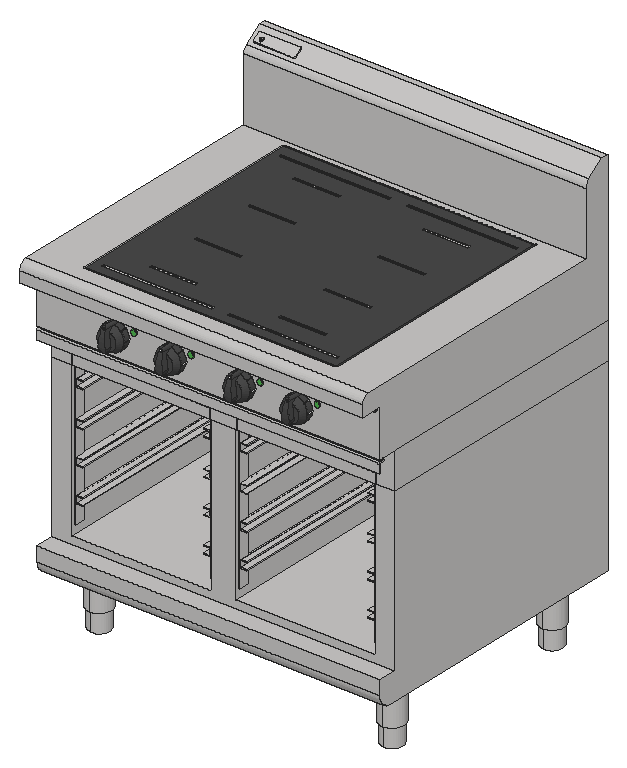
Revit family "QF_Moffat_IN8400F-CB_Induction_Cooktop_cat", category Specialty Equipment, Revit 2019 (continued)
Definition of nested family "QF_LOGO_Waldorf"
  Lines and regions (mm)
    Split face 2
      outline origin (0, -1.881, 2.589) x (1, 0, 0) y (0, 0.809017, 0.587785)
        loop
          spline (51.035, 11.169) -> (50.686, 12.42) -> (50.176, 13.224) -> (49.51, 13.708) -> (48.693, 13.995) -> (47.747, 14.152) -> (46.698, 14.207) -> (45.579, 14.186) -> (44.419, 14.114) -> (43.279, 13.929) -> (42.249, 13.481) -> (41.424, 12.614) -> (40.897, 11.169)
          line (40.897, 11.169) -> (44.617, 11.169) -> (44.988, 11.965)
          spline (44.988, 11.965) -> (47.294, 11.682) -> (46.856, 10.932) -> (45.527, 10.609) -> (43.858, 10.439) -> (42.259, 10.123) -> (41.078, 9.417) -> (40.563, 8.246) -> (40.689, 6.989) -> (41.407, 6.052) -> (42.774, 5.536) -> (44.847, 5.497) -> (47.306, 6.602)
          line (47.306, 6.602) -> (47.624, 5.728) -> (51.449, 5.728)
    Split face 3
      outline origin (0, -1.881, 2.589) x (1, 0, 0) y (0, 0.809017, 0.587785)
        loop
          line (47.264, 9.264) -> (44.938, 8.597)
          spline (44.938, 8.597) -> (44.508, 8.228) -> (44.402, 7.9) -> (44.548, 7.626) -> (44.877, 7.42) -> (45.317, 7.295) -> (45.797, 7.265) -> (46.252, 7.342) -> (46.65, 7.525) -> (46.971, 7.813) -> (47.194, 8.201) -> (47.298, 8.685) -> (47.264, 9.264)
    Split face 4
      outline origin (0, -1.881, 2.589) x (1, 0, 0) y (0, 0.809017, 0.587785)
        loop
          line (53.33, 16.975) -> (53.33, 5.728) -> (57.173, 5.728) -> (57.173, 16.975) -> (53.33, 16.975)
    Split face 5
      outline origin (0, -1.881, 2.589) x (1, 0, 0) y (0, 0.809017, 0.587785)
        loop
          line (65.795, 16.975) -> (65.795, 12.976)
          spline (65.795, 12.976) -> (63.839, 14.082) -> (62.087, 14.096) -> (60.633, 13.343) -> (59.574, 12.148) -> (58.99, 10.806) -> (58.867, 9.452) -> (59.156, 8.159) -> (59.81, 7) -> (60.786, 6.056) -> (62.111, 5.514) -> (63.868, 5.634) -> (66.137, 6.679)
          line (66.137, 6.679) -> (66.137, 5.728) -> (69.511, 5.728) -> (69.511, 16.975) -> (65.795, 16.975)
    Split face 6
      outline origin (0, -1.881, 2.589) x (1, 0, 0) y (0, 0.809017, 0.587785)
        loop
          spline (64.273, 7.499) -> (64.754, 7.57) -> (65.202, 7.777) -> (65.587, 8.106) -> (65.882, 8.535) -> (66.067, 9.034) -> (66.131, 9.57) -> (66.067, 10.106) -> (65.882, 10.605) -> (65.587, 11.034) -> (65.202, 11.363) -> (64.754, 11.57) -> (64.273, 11.64)
          spline (64.273, 11.64) -> (63.793, 11.57) -> (63.345, 11.363) -> (62.96, 11.034) -> (62.665, 10.605) -> (62.479, 10.106) -> (62.416, 9.57) -> (62.479, 9.034) -> (62.665, 8.535) -> (62.96, 8.106) -> (63.345, 7.777) -> (63.793, 7.57) -> (64.273, 7.499)
    Split face 7
      outline origin (0, -1.881, 2.589) x (1, 0, 0) y (0, 0.809017, 0.587785)
        loop
          spline (76.449, 5.305) -> (77.855, 5.457) -> (79.166, 5.901) -> (80.291, 6.607) -> (81.155, 7.527) -> (81.698, 8.599) -> (81.883, 9.749) -> (81.698, 10.899) -> (81.155, 11.97) -> (80.291, 12.891) -> (79.166, 13.597) -> (77.855, 14.041) -> (76.449, 14.192)
          spline (76.449, 14.192) -> (75.042, 14.041) -> (73.731, 13.597) -> (72.606, 12.891) -> (71.742, 11.97) -> (71.199, 10.899) -> (71.014, 9.749) -> (71.199, 8.599) -> (71.742, 7.527) -> (72.606, 6.607) -> (73.731, 5.901) -> (75.042, 5.457) -> (76.449, 5.305)
    Split face 8
      outline origin (0, -1.881, 2.589) x (1, 0, 0) y (0, 0.809017, 0.587785)
        loop
          spline (76.449, 7.654) -> (76.841, 7.725) -> (77.206, 7.934) -> (77.52, 8.267) -> (77.76, 8.701) -> (77.912, 9.206) -> (77.963, 9.749) -> (77.912, 10.291) -> (77.76, 10.796) -> (77.52, 11.23) -> (77.206, 11.563) -> (76.841, 11.772) -> (76.449, 11.843)
          spline (76.449, 11.843) -> (76.057, 11.772) -> (75.691, 11.563) -> (75.378, 11.23) -> (75.137, 10.796) -> (74.986, 10.291) -> (74.934, 9.749) -> (74.986, 9.206) -> (75.137, 8.701) -> (75.378, 8.267) -> (75.691, 7.934) -> (76.057, 7.725) -> (76.449, 7.654)
    Split face 9
      outline origin (0, -1.881, 2.589) x (1, 0, 0) y (0, 0.809017, 0.587785)
        loop
          line (86.998, 12.335) -> (86.998, 13.879) -> (83.479, 13.879) -> (83.479, 5.728) -> (87.312, 5.728) -> (87.312, 8.975)
          spline (87.312, 8.975) -> (87.364, 9.356) -> (87.458, 9.686) -> (87.594, 9.968) -> (87.769, 10.204) -> (87.982, 10.398) -> (88.229, 10.55) -> (88.509, 10.666) -> (88.82, 10.746) -> (89.16, 10.794) -> (89.525, 10.812) -> (89.915, 10.803) -> (90.327, 10.77)
          line (90.327, 10.77) -> (90.327, 14.113)
          spline (90.327, 14.113) -> (89.929, 14.127) -> (89.552, 14.111) -> (89.197, 14.066) -> (88.865, 13.991) -> (88.554, 13.887) -> (88.266, 13.754) -> (87.999, 13.591) -> (87.755, 13.399) -> (87.532, 13.177) -> (87.332, 12.926) -> (87.154, 12.645) -> (86.998, 12.335)
    Split face 10
      outline origin (0, -1.881, 2.589) x (1, 0, 0) y (0, 0.809017, 0.587785)
        loop
          line (92.082, 13.879) -> (90.894, 13.879) -> (90.894, 11.972) -> (92.082, 11.972) -> (92.082, 5.728) -> (95.871, 5.728) -> (95.871, 11.972) -> (97.5, 11.972) -> (97.5, 13.879) -> (95.871, 13.879)
          spline (95.871, 13.879) -> (95.843, 14.088) -> (95.845, 14.278) -> (95.877, 14.447) -> (95.939, 14.596) -> (96.03, 14.726) -> (96.151, 14.835) -> (96.301, 14.925) -> (96.482, 14.995) -> (96.692, 15.045) -> (96.931, 15.075) -> (97.201, 15.085) -> (97.5, 15.076)
          line (97.5, 15.076) -> (97.5, 17.266) -> (95.367, 17.266)
          spline (95.367, 17.266) -> (94.982, 17.253) -> (94.58, 17.21) -> (94.174, 17.132) -> (93.774, 17.013) -> (93.39, 16.846) -> (93.034, 16.627) -> (92.717, 16.349) -> (92.448, 16.007) -> (92.24, 15.595) -> (92.102, 15.106) -> (92.046, 14.537) -> (92.082, 13.879)
  Dimensions and locks
    equal spacing: plane 3 "LEFT", plane 7 "Center Y", plane 4 "RIGHT"
    "Length": plane 3 "LEFT" to plane 4 "RIGHT"
    equal spacing: plane 5 "FRONT", plane 8 "Center X", plane 1 "BACK"
    "Depth": plane 5 "FRONT" to plane 1 "BACK"
    "Height": plane 6 "TOP" to level
    plane 4 "RIGHT" to plane 3 "LEFT" = 138 mm
    aligned and locked: level to plane 2
  Automatic sketch dimensions
    Extrusion 1 sketch curve to plane 3 "LEFT" = 0 mm
    plane 3 "LEFT" to Extrusion 1 sketch curve = 4 mm  (x2)
    Extrusion 1 sketch curve to Extrusion 1 sketch curve = 10.75 mm
    Extrusion 1 sketch curve to Extrusion 1 sketch curve = 0.5 mm
    plane 4 "RIGHT" to Extrusion 1 sketch curve = 33 mm
    Extrusion 1 sketch curve to Extrusion 1 sketch curve = 0 mm  (x3)
    Extrusion 1 sketch curve to Extrusion 1 sketch curve = 4 mm
    Extrusion 1 sketch curve to Extrusion 1 sketch curve = 3.464 mm  (x3)
    Extrusion 1 sketch curve to Extrusion 1 sketch curve = 3.541 mm
    Extrusion 1 sketch curve to Extrusion 1 sketch curve = 4.325 mm
    Extrusion 1 sketch curve to Extrusion 1 sketch curve = 19.783 mm
    Extrusion 1 sketch curve to Extrusion 1 sketch curve = 7.592 mm
    plane 3 "LEFT" to Extrusion 2 sketch curve = 15.25 mm
    Extrusion 2 sketch curve to Extrusion 2 sketch curve = 4.325 mm
    plane 3 "LEFT" to Extrusion 3 sketch curve = 14.75 mm
    Extrusion 3 sketch curve to Extrusion 3 sketch curve = 4.325 mm
    Extrusion 1 to Split face 1 sketch curve = 6.879 mm
    Split face 1 sketch curve to Extrusion 1 = 5.728 mm
    Split face 1 sketch curve to Split face 1 sketch curve = 3.132 mm
    Split face 1 sketch curve to Split face 1 sketch curve = 4.068 mm
    Split face 1 sketch curve to Split face 1 sketch curve = 3.051 mm
    Split face 1 sketch curve to Split face 1 sketch curve = 4.203 mm
    Split face 1 sketch curve to Split face 1 sketch curve = 2.916 mm
    Split face 1 sketch curve to Split face 1 sketch curve = 3.456 mm
    Split face 1 sketch curve to Split face 1 sketch curve = 2.934 mm
    Split face 1 sketch curve to Split face 1 sketch curve = 4.131 mm
    Split face 1 sketch curve to Split face 1 sketch curve = 3.96 mm
    Split face 1 sketch curve to Split face 1 sketch curve = 0 mm  (x2)
    Split face 1 sketch curve to Extrusion 1 = 9.736 mm  (x2)
    Extrusion 1 to Split face 1 sketch curve = 6.337 mm
    Extrusion 1 to Split face 1 sketch curve = 6.231 mm
    Extrusion 1 to Split face 1 sketch curve = 3.184 mm
    Extrusion 1 to Split face 1 sketch curve = 13.135 mm
    Split face 1 sketch curve to Split face 1 sketch curve = 4.652 mm
    Split face 1 sketch curve to Split face 1 sketch curve = 3.593 mm
    Split face 1 sketch curve to Split face 1 sketch curve = 1.863 mm
    Split face 1 sketch curve to Split face 1 sketch curve = 0.713 mm
    Split face 1 sketch curve to Split face 1 sketch curve = 2.684 mm
    Split face 1 sketch curve to Split face 1 sketch curve = 3.294 mm
    Split face 1 sketch curve to Split face 1 sketch curve = 0.459 mm
    Split face 1 sketch curve to Split face 1 sketch curve = 2.775 mm
    Split face 1 sketch curve to Split face 1 sketch curve = 1.89 mm
    Split face 1 sketch curve to Split face 1 sketch curve = 0.685 mm
    Split face 1 sketch curve to Split face 1 sketch curve = 9.486 mm
    Split face 1 sketch curve to Split face 1 sketch curve = 16.213 mm
    Split face 1 sketch curve to Split face 1 sketch curve = 3.48 mm
    Split face 1 sketch curve to Split face 1 sketch curve = 4.918 mm
    Split face 1 sketch curve to Split face 1 sketch curve = 7.609 mm
    Split face 1 sketch curve to Split face 1 sketch curve = 0.01 mm  (x2)
    Split face 1 sketch curve to Split face 1 sketch curve = 0.002 mm
    Split face 2 sketch curve to Extrusion 1 = 11.169 mm
    Extrusion 1 to Split face 2 sketch curve = 25.647 mm
    Split face 2 sketch curve to Split face 2 sketch curve = 3.72 mm
    Split face 2 sketch curve to Extrusion 1 = 11.965 mm
    Split face 2 sketch curve to Split face 2 sketch curve = 0.371 mm
    Split face 2 sketch curve to Extrusion 1 = 6.602 mm
    Split face 2 sketch curve to Split face 2 sketch curve = 2.689 mm
    Split face 2 sketch curve to Split face 2 sketch curve = 0.318 mm
    Split face 2 sketch curve to Split face 2 sketch curve = 3.729 mm
    Split face 2 sketch curve to Split face 2 sketch curve = 0.414 mm
    Split face 2 sketch curve to Split face 2 sketch curve = 0.875 mm
    Split face 2 sketch curve to Split face 2 sketch curve = 0.878 mm
    Split face 3 sketch curve to Extrusion 1 = 8.597 mm
    Extrusion 1 to Split face 3 sketch curve = 29.688 mm
    Split face 3 sketch curve to Extrusion 1 = 9.264 mm
    Split face 3 sketch curve to Split face 3 sketch curve = 2.326 mm
    Split face 4 sketch curve to Extrusion 1 = 5.728 mm
    Extrusion 1 to Split face 4 sketch curve = 38.08 mm
    Split face 4 sketch curve to Split face 4 sketch curve = 3.843 mm
    Split face 4 sketch curve to Extrusion 1 = 9.736 mm
    Split face 5 sketch curve to Extrusion 1 = 9.736 mm
    Split face 5 sketch curve to Extrusion 1 = 43.205 mm
    Split face 5 sketch curve to Extrusion 1 = 6.679 mm
    Split face 5 sketch curve to Split face 5 sketch curve = 0.342 mm
    Split face 5 sketch curve to Split face 5 sketch curve = 3.375 mm
    Split face 5 sketch curve to Split face 5 sketch curve = 0.952 mm
    Split face 5 sketch curve to Split face 5 sketch curve = 3.998 mm
    Split face 6 sketch curve to Extrusion 1 = 7.499 mm
    Split face 6 sketch curve to Extrusion 1 = 44.727 mm
    Split face 6 sketch curve to Split face 6 sketch curve = 2.07 mm
    Split face 7 sketch curve to Extrusion 1 = 5.305 mm
    Split face 7 sketch curve to Extrusion 1 = 32.551 mm
    Split face 7 sketch curve to Split face 7 sketch curve = 4.443 mm
    Split face 8 sketch curve to Extrusion 1 = 7.654 mm
    Split face 8 sketch curve to Extrusion 1 = 32.551 mm
    Split face 8 sketch curve to Split face 8 sketch curve = 2.095 mm
    Split face 9 sketch curve to Extrusion 1 = 5.728 mm
    Split face 9 sketch curve to Extrusion 1 = 25.521 mm
    Split face 9 sketch curve to Split face 9 sketch curve = 3.519 mm
    Split face 9 sketch curve to Split face 9 sketch curve = 0.315 mm
    Split face 9 sketch curve to Split face 9 sketch curve = 3.33 mm
    Split face 9 sketch curve to Split face 9 sketch curve = 3.248 mm
    Split face 9 sketch curve to Split face 9 sketch curve = 1.795 mm
    Split face 9 sketch curve to Split face 9 sketch curve = 3.36 mm
    Split face 9 sketch curve to Split face 9 sketch curve = 1.545 mm
    Split face 9 sketch curve to Split face 9 sketch curve = 0.233 mm
    Split face 10 sketch curve to Extrusion 1 = 18.106 mm
    Split face 10 sketch curve to Split face 10 sketch curve = 1.188 mm  (x2)
    Split face 10 sketch curve to Split face 10 sketch curve = 3.285 mm
    Split face 10 sketch curve to Split face 10 sketch curve = 3.789 mm
    Split face 10 sketch curve to Split face 10 sketch curve = 0 mm  (x2)
    Split face 10 sketch curve to Split face 10 sketch curve = 1.629 mm
    Split face 10 sketch curve to Split face 10 sketch curve = 2.133 mm
    Split face 10 sketch curve to Extrusion 1 = 5.728 mm
    Split face 10 sketch curve to Split face 10 sketch curve = 6.245 mm
    Split face 10 sketch curve to Split face 10 sketch curve = 1.907 mm  (x2)
    Split face 10 sketch curve to Split face 10 sketch curve = 1.197 mm
    Split face 10 sketch curve to Split face 10 sketch curve = 2.19 mm
Definition of nested family "Knob"
  Parameters (values of type "Knob")
    Weight in Pounds = 0
    URL Cutsheet = ""
    Specification by User = ""
    Specification by Manufacturer = ""
    Serial Number = ""
    Seismic Rating = ""
    SMACNA No = ""
    Revision Code = ""
    NAFEM Spec ID Number = ""
    Masterspec = ""
    Length = 65 mm
    Item Number = ""
    Installed By = ""
    Identify Quantity as Lot = yes
    Height = 69.5 mm
    Furnished By = ""
    Foodservice Equipment Identifier = yes
    Depth = 59 mm
    CSI MasterFormat = ""
  Reference planes
    plane 1 "BACK": y = 0
    plane 2: z = 0
    plane 3 "LEFT": x = 0
    plane 4 "RIGHT": x = 65
    plane 5 "FRONT": y = -59
    plane 6 "TOP": z = 69.5
    plane 7 "Center Y": x = 32.5
    plane 8 "Center X": y = -29.5
  Forms (mm)
    Revolve 1, solid
      sketch origin (32.5, 175.397, 1219.2) x (0, 1, 0) y (0, 0, 1)
        loop
          line (-175.397, -1186.7) -> (-219.397, -1186.7) -> (-219.397, -1211.501) -> (-202.106, -1219.2) -> (-185.397, -1219.2) -> (-185.397, -1191.7) -> (-175.397, -1191.7) -> (-175.397, -1186.7)
        axis (-219.397, -1186.7) -> (-175.397, -1186.7)
      angle from 0 to 360
    Extrusion 2, solid
      sketch origin (32.5, 175.397, 1219.2) x (0, 1, 0) y (0, 0, 1)
        loop
          line (-202.106, -1154.2) -> (-185.397, -1154.2) -> (-185.397, -1149.7) -> (-224.105, -1149.7)
          arc (-224.105, -1149.7) -> (-233.965, -1178.467) -> (-230.696, -1208.7) r 70
          line (-230.696, -1208.7) -> (-219.397, -1208.7) -> (-219.397, -1161.899) -> (-202.106, -1154.2)
      from -15 to 15
    Extrusion 3, void
      sketch origin (0, 0, 0) x (1, 0, 0) y (0, 0, 1)
        loop
          line (27.501, 64.613) -> (22.02, 20.585)
          arc (22.02, 20.585) -> (32.792, 10.488) -> (42.986, 21.169) r 10.487
          line (42.986, 21.169) -> (37.499, 64.613)
          arc (37.499, 64.613) -> (32.5, 69.5) -> (27.501, 64.613) r 5
        loop
          line (10, 72.977) -> (10, 5.625) -> (55, 5.625) -> (55, 72.977) -> (10, 72.977)
      from 6.142 to 69.687
    Extrusion 4, solid
      sketch origin (0, -34.115, -16.916) x (1, 0, 0) y (0, 0.45399, 0.891007)
        loop
          circle (32.497, 65) r 2
      from 51.525 to 53.075
    Extrusion 5, solid
      sketch origin (32.5, -10, 32.5) x (0, 0, -1) y (-1, 0, 0)
        loop
          line (-23.54, -22.408) -> (-24.106, -22.974)
          arc (-24.106, -22.974) -> (-23.547, -23.547) -> (-22.974, -24.106) r 33.3
          line (-22.974, -24.106) -> (-22.408, -23.54)
          arc (-22.408, -23.54) -> (-22.981, -22.981) -> (-23.54, -22.408) r 32.5
        loop
          arc (-0.8, -33.29) -> (0, -33.3) -> (0.8, -33.29) r 33.3
          line (0.8, -33.29) -> (0.8, -32.49)
          arc (0.8, -32.49) -> (0, -32.5) -> (-0.8, -32.49) r 32.5
          line (-0.8, -32.49) -> (-0.8, -33.29)
        loop
          arc (23.54, -22.408) -> (22.981, -22.981) -> (22.408, -23.54) r 32.5
          line (22.408, -23.54) -> (22.974, -24.106)
          arc (22.974, -24.106) -> (23.547, -23.547) -> (24.106, -22.974) r 33.3
          line (24.106, -22.974) -> (23.54, -22.408)
        loop
          arc (-23.54, 22.408) -> (-22.981, 22.981) -> (-22.408, 23.54) r 32.5
          line (-22.408, 23.54) -> (-22.974, 24.106)
          arc (-22.974, 24.106) -> (-23.547, 23.547) -> (-24.106, 22.974) r 33.3
          line (-24.106, 22.974) -> (-23.54, 22.408)
        loop
          line (-0.8, 33.29) -> (-0.8, 32.49)
          arc (-0.8, 32.49) -> (0, 32.5) -> (0.8, 32.49) r 32.5
          line (0.8, 32.49) -> (0.8, 33.29)
          arc (0.8, 33.29) -> (0, 33.3) -> (-0.8, 33.29) r 33.3
        loop
          line (32.49, -0.8) -> (33.29, -0.8)
          arc (33.29, -0.8) -> (33.3, 0) -> (33.29, 0.8) r 33.3
          line (33.29, 0.8) -> (32.49, 0.8)
          arc (32.49, 0.8) -> (32.5, 0) -> (32.49, -0.8) r 32.5
        loop
          arc (24.106, 22.974) -> (23.547, 23.547) -> (22.974, 24.106) r 33.3
          line (22.974, 24.106) -> (22.408, 23.54)
          arc (22.408, 23.54) -> (22.981, 22.981) -> (23.54, 22.408) r 32.5
          line (23.54, 22.408) -> (24.106, 22.974)
      from 0 to -16.709
  Cuts and joins
    Extrusion 3 cuts Extrusion 2
  Dimensions and locks
    equal spacing: plane 3 "LEFT", plane 7 "Center Y", plane 4 "RIGHT"
    "Length": plane 3 "LEFT" to plane 4 "RIGHT"
    equal spacing: plane 5 "FRONT", plane 8 "Center X", plane 1 "BACK"
    "Depth": plane 5 "FRONT" to plane 1 "BACK"
    "Height": plane 6 "TOP" to level
    plane 4 "RIGHT" to plane 3 "LEFT" = 65 mm
    aligned and locked: level to plane 2
  Automatic sketch dimensions
    Revolve 1 sketch curve to level = 0 mm
    Revolve 1 sketch curve to plane 1 "BACK" = 0 mm  (x2)
    plane 1 "BACK" to Revolve 1 sketch curve = 10 mm
    plane 8 "Center X" to Revolve 1 sketch curve = 2.791 mm
    Revolve 1 sketch curve to plane 8 "Center X" = 14.5 mm
    level to Revolve 1 sketch curve = 7.699 mm
    level to Revolve 1 sketch curve = 27.5 mm
    Revolve 1 sketch curve to Revolve 1 sketch curve = 5 mm
    Revolve 1 sketch curve to Revolve 1 sketch curve = 35 mm
    Revolve 1 sketch curve to Revolve 1 sketch curve = 0 mm
    Extrusion 2 sketch curve to plane 6 "TOP" = 0 mm
    Extrusion 2 sketch curve to plane 5 "FRONT" = 3.702 mm
    Extrusion 2 sketch curve to plane 5 "FRONT" = 10.293 mm
    Extrusion 2 sketch curve to Extrusion 2 sketch curve = 11.298 mm
    plane 8 "Center X" to Extrusion 2 sketch curve = 2.791 mm
    plane 1 "BACK" to Extrusion 2 sketch curve = 10 mm
    Extrusion 2 sketch curve to plane 1 "BACK" = 11 mm
    Extrusion 2 sketch curve to plane 6 "TOP" = 4.5 mm
    Extrusion 2 sketch curve to plane 6 "TOP" = 12.199 mm
    level to Extrusion 2 sketch curve = 32.962 mm
    level to Extrusion 3 sketch curve = 5.625 mm
    Extrusion 3 sketch curve to plane 7 "Center Y" = 0 mm  (x2)
    Extrusion 3 sketch curve to plane 7 "Center Y" = 4.999 mm
    Extrusion 3 sketch curve to plane 7 "Center Y" = 10.48 mm
    plane 6 "TOP" to Extrusion 3 sketch curve = 3.477 mm
    plane 3 "LEFT" to Extrusion 3 sketch curve = 10 mm
    Extrusion 3 sketch curve to plane 6 "TOP" = 4.887 mm
    Extrusion 3 sketch curve to Extrusion 3 sketch curve = 4.999 mm
    plane 7 "Center Y" to Extrusion 3 sketch curve = 10.486 mm
    level to Extrusion 3 sketch curve = 20.585 mm
    Extrusion 3 sketch curve to Extrusion 3 sketch curve = 0.387 mm
    Extrusion 3 sketch curve to Extrusion 3 sketch curve = 0.113 mm
    plane 4 "RIGHT" to Extrusion 3 sketch curve = 10 mm
    Extrusion 5 sketch curve to Revolve 1 = 32.49 mm
    Revolve 1 to Extrusion 5 sketch curve = 32.49 mm
    Extrusion 5 sketch curve to Revolve 1 = 23.54 mm  (x2)
    Revolve 1 to Extrusion 5 sketch curve = 23.54 mm  (x2)
    Extrusion 5 sketch curve to Revolve 1 = 24.106 mm  (x2)
    Revolve 1 to Extrusion 5 sketch curve = 24.106 mm  (x2)
    Revolve 1 to Extrusion 5 sketch curve = 22.408 mm  (x2)
    Extrusion 5 sketch curve to Revolve 1 = 22.408 mm  (x2)
    Revolve 1 to Extrusion 5 sketch curve = 22.974 mm  (x2)
    Extrusion 5 sketch curve to Revolve 1 = 22.974 mm  (x2)
    Extrusion 5 sketch curve to Extrusion 5 sketch curve = 1.6 mm  (x2)
    Revolve 1 to Extrusion 5 sketch curve = 0.8 mm
    Extrusion 5 sketch curve to Revolve 1 = 0.8 mm
    Extrusion 4 sketch curve to plane 7 "Center Y" = 0.003 mm
    radius of Extrusion 5 sketch curve to Revolve 1 = 0 mm  (x7)
    radius of Revolve 1 to Extrusion 5 sketch curve = 0.8 mm  (x7)
    radius of Extrusion 4 sketch curve = 2 mm
Types (2, lengths in mm): name | Volts | Cycle
  IN8400F-CB_415/60/3 | 415 V | 60 Hz
  IN8400F-CB_400/50/3 | 400 V | 50 Hz
